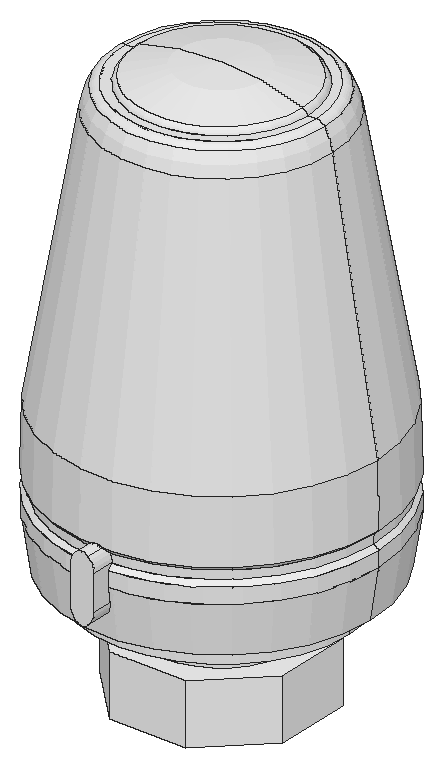
Revit family "Regus Sensors_M30_RFA", category Pipe Accessories, Revit 2019
Family settings
  Round Connector Dimension = Use Diameter
  Part Type = Normal
  OmniClass Number = 23.65.55.14.17
  OmniClass Title = Adjusting/Controlling Valves for Liquid Services
  Work Plane-Based = No
  Always vertical = Yes
  Cut with Voids When Loaded = No
  Shared = Yes
Parameters (values of type "Regus Sensors_M30_Built-in_8-28 °C")
  W [instance] = 57.89 mm
  URL = "https://store.danfoss.com/en/Climate-Solutions-for-heating/Radiator-Thermostats/Radiator-sensors/Room-sensor-mTRV/Sensors-for-other-connections/c/13886?q=%3Arelevance%3Adanfoss_a1184338573%3AA1184_3385735918e24870f0ea98b9978dae8a69c533%3Adanfoss_producttypehierarchydesc%3ADanfoss+Regus%C2%AE+Sensors%3Adanfoss_a1144338550%3AA1144_33855085dc86b7cae20757962fd07466c1b266&text="
  Sensor Media = "Liquid"  # constant formula
  Model Type = "Regus Sensors_M30_Built-in_8-28 °C"
  Model = "015G3630,015G3839,015G5312"
  Min Temperature Setting = "8 °C"
  Max Temperature Setting = "28 °C"  # constant formula
  Manufacturer = "Danfoss"  # constant formula
  LOD 350 [instance] = not(LOD 200)  # yes
  LOD 200 [instance] = no
  L [instance] = 55.00 mm
  IfcExportType = "Regus Sensors"  # constant formula
  IfcExportAs = "IfcActuatorType"  # constant formula
  H [instance] = 98.00 mm
  Description = "Radiator Sensor"  # constant formula
  Connection = "M30 x 1.5"  # constant formula
  Body Material = Danfoss Plastic White
Types (2, lengths in mm): name | W | Model Type | Model | Min Temperature Setting
  Regus Sensors_M30_Built-in_8-28 °C | 57.89 | "Regus Sensors_M30_Built-in_8-28 °C" | "015G3630,015G3839,015G5312" | "8 °C"
  Regus Sensors_M30_Built-in_16-28 °C_015G3636 | 57.357 | "Regus Sensors_M30_Built-in_16-28 °C" | "015G3636" | "16 °C"
Reference planes
  plane 1 "Center (Front/Back)": y = 0
  plane 2: z = 0
  plane 3 "Center (Left/Right)": x = 0
  plane 4: y = 27.5
  plane 5: z = 98
  plane 6 "TP": z = 56
  plane 7 "BT": z = 17.2
  plane 8: x = -27.5
  plane 9: x = 27.5
  plane 10: y = -27.5
Forms (mm)
  Revolve 1, solid, material "Danfoss Plastic White" <- "Body Material", visible <- "LOD 350", detail levels fine
    sketch origin (0, 0, 0) x (1, 0, 0) y (0, 0, 1)
      loop
        line (-12.933, 10.5) -> (0, 10.5) -> (0, 98.13)
        arc (0, 98.13) -> (-7.248, 97.725) -> (-14.298, 95.996) r 39.388
        arc (-14.298, 95.996) -> (-14.765, 95.594) -> (-15.063, 95.055) r 1.744
        line (-15.063, 95.055) -> (-16.64, 95.055)
        arc (-16.64, 95.055) -> (-17.452, 94.88) -> (-18.068, 94.324) r 1.61
        arc (-18.068, 94.324) -> (-18.956, 92.599) -> (-19.478, 90.73) r 9.598
        line (-19.478, 90.73) -> (-27.325, 45.35) -> (-27.5, 34.393) -> (-26.685, 33.578) -> (-26.685, 32.095) -> (-27.5, 31.28) -> (-27.5, 28.608) -> (-26.21, 19.95) -> (-14.98, 19.95) -> (-14.98, 18.05) -> (-22.509, 18.05) -> (-22.509, 16.45) -> (-12.933, 16.45) -> (-12.933, 10.5)
      axis (0, 98.13) -> (0, 10.5)
    angle from 0 to 360
  Revolve 2, solid, material "Danfoss Plastic White" <- "Body Material", visible <- "LOD 200", detail levels fine
    sketch origin (0, 0, 0) x (1, 0, 0) y (0, 0, 1)
      loop
        line (-12.933, 10.5) -> (0, 10.5) -> (0, 98) -> (-6.883, 98)
        arc (-6.883, 98) -> (-14.414, 96.185) -> (-20.291, 91.138) r 16.53
        line (-20.291, 91.138) -> (-27.5, 44.209) -> (-27.5, 28.608) -> (-26.21, 19.95) -> (-12.933, 19.95) -> (-12.933, 10.5)
      axis (0, 98) -> (0, 10.5)
    angle from 0 to 360
  Extrusion 3, solid, material "Danfoss Brass (Nickel plated)", visible <- "LOD 350", detail levels fine
    sketch origin (0, 0, 0) x (1, 0, 0) y (0, 1, 0)
      loop
        line (6.627, -16) -> (16, -6.627) -> (16, 6.627) -> (6.627, 16) -> (-6.627, 16) -> (-16, 6.627) -> (-16, -6.627) -> (-6.627, -16) -> (6.627, -16)
    from 0 to 10.5
  Extrusion 4, solid, material "Danfoss Plastic White" <- "Body Material", visible <- "LOD 350", detail levels fine
    sketch origin (0, 0, 0) x (1, 0, 0) y (0, 0, 1)
      loop
        line (-2.024, 32.06) -> (-2.024, 25.993)
        arc (-2.024, 25.993) -> (-1.771, 24.729) -> (-1.049, 23.66) r 3.278
        arc (-1.049, 23.66) -> (0, 23.23) -> (1.049, 23.66) r 1.494
        arc (1.049, 23.66) -> (1.771, 24.729) -> (2.024, 25.993) r 3.278
        line (2.024, 25.993) -> (2.024, 32.06)
        arc (2.024, 32.06) -> (1.771, 33.324) -> (1.049, 34.393) r 3.278
        arc (1.049, 34.393) -> (0, 34.824) -> (-1.049, 34.393) r 1.494
        arc (-1.049, 34.393) -> (-1.771, 33.324) -> (-2.024, 32.06) r 3.278
    from 0 to 30.39
  Extrusion 5, solid, material "Danfoss Brass (Nickel plated)", visible <- "LOD 200", detail levels fine
    sketch origin (0, 0, 0) x (1, 0, 0) y (0, 1, 0)
      loop
        circle (0, 0) r 17.318
    from 0 to 10.5
Lines and regions (mm)
  symbolic lines
    curve 1: line (25.439, -10.66, 0) -> (26.655, -6.916, 0)
Dimensions and locks
  "H": plane 5 to level
  equal spacing: plane 9, plane 3 "Center (Left/Right)", plane 8
  "L": plane 9 to plane 8
  "W": plane 4 to Extrusion 4
  equal spacing: plane 10, plane 1 "Center (Front/Back)", plane 4
  equal spacing: plane 8, plane 3 "Center (Left/Right)", plane 9
  radius of Extrusion 5 sketch curve = 17.318 mm
  aligned and locked: level to plane 2
  aligned and locked: Revolve 1 sketch curve to Extrusion 3
  aligned and locked: Revolve 2 sketch curve to Extrusion 3
  aligned and locked: Extrusion 5 to Extrusion 3
  aligned and locked: Extrusion 5 to level
Automatic sketch dimensions
  plane 1 "Center (Front/Back)" to curve 1 = 6.916 mm
  curve 1 to curve 1 = 1.216 mm
  curve 1 to curve 1 = 3.744 mm
  plane 3 "Center (Left/Right)" to curve 1 = 25.439 mm
  Extrusion 3 sketch curve to plane 3 "Center (Left/Right)" = 6.627 mm  (x2)
  Extrusion 3 sketch curve to Extrusion 3 sketch curve = 9.373 mm  (x4)
  plane 3 "Center (Left/Right)" to Extrusion 3 sketch curve = 6.627 mm  (x2)
  plane 1 "Center (Front/Back)" to Extrusion 3 sketch curve = 6.627 mm  (x2)
  Extrusion 3 sketch curve to plane 1 "Center (Front/Back)" = 6.627 mm  (x2)
  Extrusion 4 sketch curve to plane 3 "Center (Left/Right)" = 0.00 mm  (x2)
  Extrusion 4 sketch curve to plane 3 "Center (Left/Right)" = 1.254 mm  (x2)
  Extrusion 4 sketch curve to Extrusion 4 sketch curve = 0.771 mm  (x2)
  plane 3 "Center (Left/Right)" to Extrusion 4 sketch curve = 1.254 mm  (x2)
  Extrusion 4 sketch curve to plane 7 "BT" = 7.523 mm
  Extrusion 4 sketch curve to Extrusion 4 sketch curve = 1.27 mm  (x2)
  Extrusion 4 sketch curve to Extrusion 4 sketch curve = 0.00 mm  (x4)
  Extrusion 4 sketch curve to Extrusion 4 sketch curve = 6.067 mm
  Revolve 1 sketch curve to plane 8 = 0.00 mm  (x2)
  Revolve 1 sketch curve to plane 3 "Center (Left/Right)" = 0.00 mm  (x2)
  plane 8 to Revolve 1 sketch curve = 0.175 mm
  plane 8 to Revolve 1 sketch curve = 0.815 mm
  plane 8 to Revolve 1 sketch curve = 1.29 mm
  Revolve 1 sketch curve to plane 5 = 7.27 mm
  plane 8 to Revolve 1 sketch curve = 8.022 mm
  Revolve 1 sketch curve to plane 5 = 4.554 mm
  Revolve 1 sketch curve to Revolve 1 sketch curve = 2.76 mm
  Revolve 1 sketch curve to Revolve 1 sketch curve = 0.078 mm
  Revolve 1 sketch curve to Revolve 1 sketch curve = 1.578 mm
  Revolve 1 sketch curve to plane 7 "BT" = 2.75 mm
  Revolve 1 sketch curve to Revolve 1 sketch curve = 1.651 mm
  plane 7 "BT" to Revolve 1 sketch curve = 0.75 mm
  Revolve 1 sketch curve to Revolve 1 sketch curve = 2.047 mm
  Revolve 1 sketch curve to plane 5 = 8.905 mm
  Revolve 1 sketch curve to Revolve 1 sketch curve = 3.391 mm
  Revolve 1 sketch curve to plane 3 "Center (Left/Right)" = 1.434 mm
  Revolve 1 sketch curve to plane 7 "BT" = 0.85 mm
  Revolve 1 sketch curve to Revolve 1 sketch curve = 8.658 mm
  Revolve 1 sketch curve to Revolve 1 sketch curve = 2.673 mm
  Revolve 1 sketch curve to Revolve 1 sketch curve = 0.815 mm  (x2)
  Revolve 1 sketch curve to Revolve 1 sketch curve = 1.482 mm
  plane 6 "TP" to Revolve 1 sketch curve = 10.65 mm
  Revolve 1 sketch curve to plane 6 "TP" = 2.768 mm
  Revolve 1 sketch curve to plane 5 = 3.505 mm
  Revolve 1 sketch curve to Revolve 1 sketch curve = 0.731 mm
  Revolve 1 sketch curve to Revolve 1 sketch curve = 9.035 mm
  Revolve 1 sketch curve to Revolve 1 sketch curve = 3.70 mm
  Revolve 1 sketch curve to Revolve 1 sketch curve = 7.529 mm
  Revolve 1 sketch curve to level = 366.045 mm
  Revolve 1 sketch curve to Revolve 1 sketch curve = 0.00 mm
  Revolve 2 sketch curve to plane 8 = 0.00 mm
  Revolve 2 sketch curve to plane 5 = 0.00 mm
  Revolve 2 sketch curve to plane 3 "Center (Left/Right)" = 0.00 mm  (x2)
  plane 8 to Revolve 2 sketch curve = 1.29 mm
  plane 8 to Revolve 2 sketch curve = 7.209 mm
  Revolve 2 sketch curve to plane 7 "BT" = 2.75 mm
  Revolve 2 sketch curve to plane 3 "Center (Left/Right)" = 12.933 mm
  Revolve 2 sketch curve to plane 3 "Center (Left/Right)" = 6.883 mm
  Revolve 2 sketch curve to Revolve 2 sketch curve = 8.658 mm
  Revolve 2 sketch curve to Revolve 2 sketch curve = 16.53 mm
  Revolve 2 sketch curve to level = 366.045 mm
  plane 6 "TP" to Revolve 2 sketch curve = 11.791 mm
  Revolve 2 sketch curve to Revolve 2 sketch curve = 2122.015 mm
  plane 1 "Center (Front/Back)" to Extrusion 5 sketch curve = 0.00 mm
  Extrusion 5 sketch curve to plane 3 "Center (Left/Right)" = 0.00 mm
